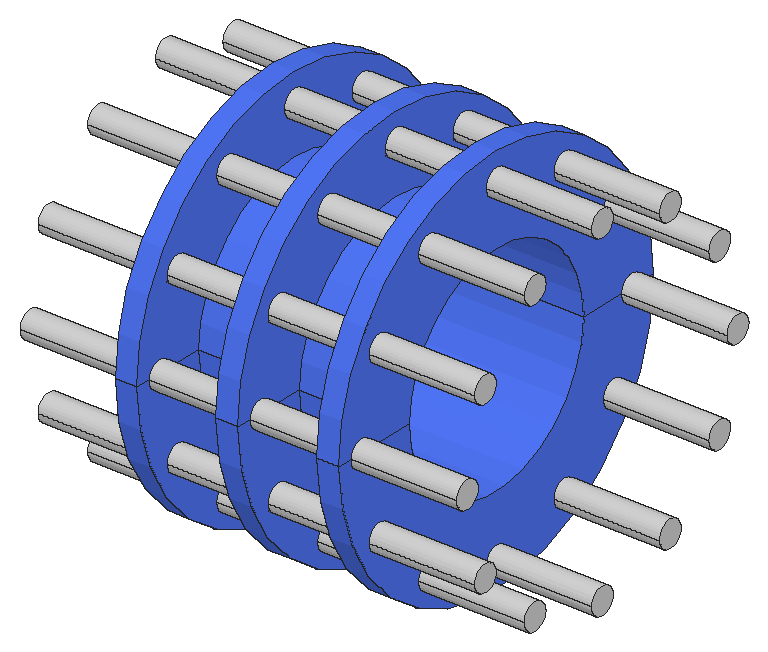
Revit family "873-00-002-DN200-250", category Pipe Accessories, Revit 2019
Family settings
  Round Connector Dimension = Use Diameter
  Part Type = Valve - Breaks Into
  Work Plane-Based = No
  Always vertical = Yes
  Cut with Voids When Loaded = No
  Shared = No
Parameters (values of type "DN200")
  d2 = size_lookup(Search_table, "d2", 0 mm, DN) / 2  # 180 mm
  d1 = size_lookup(Search_table, "d1", 0 mm, DN)  # 310 mm
  URL product pages = "https://www.avkvalves.com/P.aspx?no=873004000741000"
  T = size_lookup(Search_table, "T", 0 mm, DN)  # 24 mm
  L = size_lookup(Search_table, "L", 0 mm, DN)  # 400 mm
  Id(Radius) = DN / 2  # 100 mm
  Flange_thickness = 20 mm  # constant formula
  Description_ = "AVK DISMANTLING JOINT"
  DN = 200 mm
  Search_table = "873-00-002-DN200-250"
  Body_Wallthicknss = 10 mm  # constant formula
  A = size_lookup(Search_table, "A", 0 mm, DN)  # 205 mm
  873-0250-00-741000 = "DN250_PN25"
  873-0200-00-741000 = "DN200_PN25"
Types (3, lengths in mm): name | d2 | d1 | T | L | Id(Radius) | DN | A
  (no name) | 180 | 310 | 24 | 400 | 100 | 200 | 205
  DN200 | 180 | 310 | 24 | 400 | 100 | 200 | 205
  DN250 | 212.5 | 370 | 27 | 450 | 125 | 250 | 225
Reference planes
  plane 1 "Center (Front/Back)": y = 0
  plane 2: z = 0
  plane 3 "Center (Left/Right)": x = 0
  plane 4: y = 32.5
  plane 5: y = -30
  plane 6: z = 155
  plane 7: z = -155
  plane 8: y = 155
  plane 9: y = -155
  plane 10: x = -200
  plane 11: x = 200
  plane 12: through (0, 0, 0) normal (0, 0.5, 0.866)
  plane 13: through (0, 0, 0) normal (0, 0.866, 0.5)
  plane 14: through (0, 0, 0) normal (0, 0.866, -0.5)
  plane 15: through (0, 0, 0) normal (0, 0.5, -0.866)
  plane 16: x = -102.5
  plane 17: x = 102.5
  plane 18: z = 180
  plane 19: z = -180
Forms (mm)
  Revolve 1, solid, material "Plastic"
    sketch origin (0, 0, 0) x (1, 0, 0) y (0, 1, 0)
      loop
        line (-82.5, 180) -> (-102.5, 180) -> (-102.5, 100) -> (102.5, 100) -> (102.5, 180) -> (82.5, 180) -> (82.5, 110) -> (10, 110) -> (10, 180) -> (-10, 180) -> (-10, 110) -> (-82.5, 110) -> (-82.5, 180)
      axis (-102.5, 0) -> (102.5, 0)
    angle from 0 to 360
  Extrusion 2, solid, material "Stainless Steel AISI 304"
    sketch origin (0, 0, 0) x (0, 1, 0) y (0, 0, 1)
      loop
        circle (77.5, 134.234) r 12
      loop
        circle (0, 155) r 12
      loop
        circle (-77.5, 134.234) r 12
      loop
        circle (-134.234, 77.5) r 12
      loop
        circle (-155, 0) r 12
      loop
        circle (-134.234, -77.5) r 12
      loop
        circle (-77.5, -134.234) r 12
      loop
        circle (0, -155) r 12
      loop
        circle (77.5, -134.234) r 12
      loop
        circle (134.234, -77.5) r 12
      loop
        circle (155, 0) r 12
      loop
        circle (134.234, 77.5) r 12
    from -200 to 200
Dimensions and locks
  "Flange_thickness": Revolve 1 sketch curve to Revolve 1 sketch curve  (x3)
  equal spacing: Revolve 1 sketch curve, plane 3 "Center (Left/Right)", Revolve 1 sketch curve  (x2)
  "A": Revolve 1 sketch curve to Revolve 1 sketch curve
  "Id(Radius)": plane 1 "Center (Front/Back)" to Revolve 1 sketch curve
  "Body_Wallthicknss": Revolve 1 sketch curve to Revolve 1 sketch curve
  "d2": plane 1 "Center (Front/Back)" to Revolve 1 sketch curve
  equal spacing: plane 6, level, plane 7
  equal spacing: plane 8, plane 1 "Center (Front/Back)", plane 9
  "d1": plane 8 to plane 9
  "d1": plane 6 to plane 7
  equal spacing: plane 11, plane 3 "Center (Left/Right)", plane 10
  "L": plane 11 to plane 10
  equal spacing: Extrusion 2 sketch curve, plane 12, Extrusion 2 sketch curve
  equal spacing: Extrusion 2 sketch curve, plane 13, Extrusion 2 sketch curve
  "d1": Extrusion 2 sketch curve to Extrusion 2 sketch curve  (x6)
  equal spacing: Extrusion 2 sketch curve, level, Extrusion 2 sketch curve
  equal spacing: Extrusion 2 sketch curve, plane 1 "Center (Front/Back)", Extrusion 2 sketch curve
  equal spacing: Extrusion 2 sketch curve, plane 14, Extrusion 2 sketch curve
  equal spacing: Extrusion 2 sketch curve, plane 15, Extrusion 2 sketch curve
  equal spacing: plane 17, plane 3 "Center (Left/Right)", plane 16
  "A": plane 17 to plane 16
  plane 6 to plane 7 = 310 mm
  equal spacing: plane 18, level, plane 19
  plane 18 to plane 19 = 360 mm
  "d2": level to plane 19
  "T": diameter of Extrusion 2 sketch curve  (x12)
  locked: plane 13 to plane 1 "Center (Front/Back)" (angle 30.00°)
  locked: plane 12 to plane 13 (angle 30.00°)
  locked: level to plane 12 (angle 30.00°)
  locked: plane 1 "Center (Front/Back)" to plane 14 (angle 30.00°)
  locked: plane 14 to plane 15 (angle 30.00°)
  locked: plane 15 to level (angle 30.00°)
  aligned and locked: level to plane 2
  aligned and locked: Revolve 1 sketch curve to Revolve 1 sketch curve  (x3)
  aligned and locked: plane 1 "Center (Front/Back)" to Revolve 1 sketch curve
  aligned and locked: Extrusion 2 to plane 10
  aligned and locked: Extrusion 2 to plane 11
Automatic sketch dimensions
  Revolve 1 sketch curve to plane 3 "Center (Left/Right)" = 37.5 mm
  plane 3 "Center (Left/Right)" to Revolve 1 sketch curve = 37.5 mm
  Extrusion 2 sketch curve to plane 12 = 0 mm  (x2)
  plane 15 to Extrusion 2 sketch curve = 0 mm  (x2)
  Extrusion 2 sketch curve to plane 13 = 0 mm  (x2)
  plane 14 to Extrusion 2 sketch curve = 0 mm  (x2)
  Extrusion 2 sketch curve to plane 1 "Center (Front/Back)" = 0 mm  (x2)
  Extrusion 2 sketch curve to level = 0 mm  (x2)
Nested families
  nested 1: "Latest 1" at (50.935, -105.341, 31.674) x (1, 0, 0) z (0, -0.9576, 0.2879), type "Latest 1"
Connectors
  piping at (102.5, 0, 0), diameter 200, driven by "DN"
    settings: on Revolve 1, index 1, connector inside diameter 609.6 mm, connector length 0 mm, flow factor 0, pipe flow 0.0 L/s, pressure drop 0.0 Pa, fitting loss kfactor 0, connector angle 0.00°, fixture units 0, engagement length 0 mm, angle of deflection 0.00°, flow configuration 0, flow direction 0, fitting loss method 0, system type 7, joint type 0, gender type 0, connector reference index -1, connector utility 0, adjustable connector no, is connector primary yes, connector description ""
  piping at (-102.5, 0, 0), diameter 200, driven by "DN"
    settings: on Revolve 1, index 2, connector inside diameter 609.6 mm, connector length 0 mm, flow factor 0, pipe flow 0.0 L/s, pressure drop 0.0 Pa, fitting loss kfactor 0, connector angle 0.00°, fixture units 0, engagement length 0 mm, angle of deflection 0.00°, flow configuration 0, flow direction 0, fitting loss method 0, system type 7, joint type 0, gender type 0, connector reference index -1, connector utility 0, adjustable connector no, is connector primary no, connector description ""
Definition of nested family "Latest 1"
  Parameters
    Default Elevation = 1219.2 mm
  Reference planes
    plane 1 "Center (Front/Back)": y = 0
    plane 2: z = 0
    plane 3 "Center (Left/Right)": x = 0
  Forms (mm)
    Extrusion 1, solid
      sketch origin (0, 0, 0) x (1, 0, 0) y (0, 1, 0)
        loop
          line (-1219.2, 1219.2) -> (-1219.2, -1219.2) -> (1219.2, -1219.2) -> (1219.2, 1219.2) -> (-1219.2, 1219.2)
      from 0 to -304.8
    Extrusion 2, solid
      sketch origin (0, 0, 0) x (1, 0, 0) y (0, 1, 0)
        loop
          line (-2.683, 9.413) -> (-9.884, 9.413) -> (-9.884, 7.46) -> (-4.022, 7.46) -> (-0.985, 0) -> (0.985, 0) -> (4.022, 7.46) -> (9.884, 7.46) -> (9.884, 9.413) -> (2.683, 9.413) -> (0, 2.824) -> (-2.683, 9.413)
        loop
          line (-4.528, 6.707) -> (-9.884, 6.707) -> (-9.884, 4.824) -> (-8.032, 4.824) -> (-9.884, 0) -> (-7.792, 0) -> (-7.394, 1.035) -> (-4.328, 1.035) -> (-3.907, 0) -> (-1.798, 0) -> (-4.528, 6.707)
        loop
          line (-6.91, 2.824) -> (-5.056, 2.824) -> (-6.01, 5.167) -> (-6.91, 2.824)
        loop
          line (1.798, 0) -> (3.907, 0) -> (4.98, 2.637) -> (6.968, 0) -> (9.413, 0) -> (7.166, 2.983)
          arc (7.166, 2.983) -> (8.216, 3.774) -> (9.007, 4.824) r 4.724
          line (9.007, 4.824) -> (9.884, 4.824) -> (9.884, 6.707) -> (8.001, 6.707)
          arc (8.001, 6.707) -> (7.315, 5.008) -> (5.642, 4.261) r 2.448
          line (5.642, 4.261) -> (6.637, 6.707) -> (4.528, 6.707) -> (1.798, 0)
      from 0 to 1
  Dimensions and locks
    aligned and locked: plane 2 to Extrusion 1
    aligned and locked: level to Extrusion 1
    aligned and locked: Extrusion 2 sketch curve to import instance  (x30)
